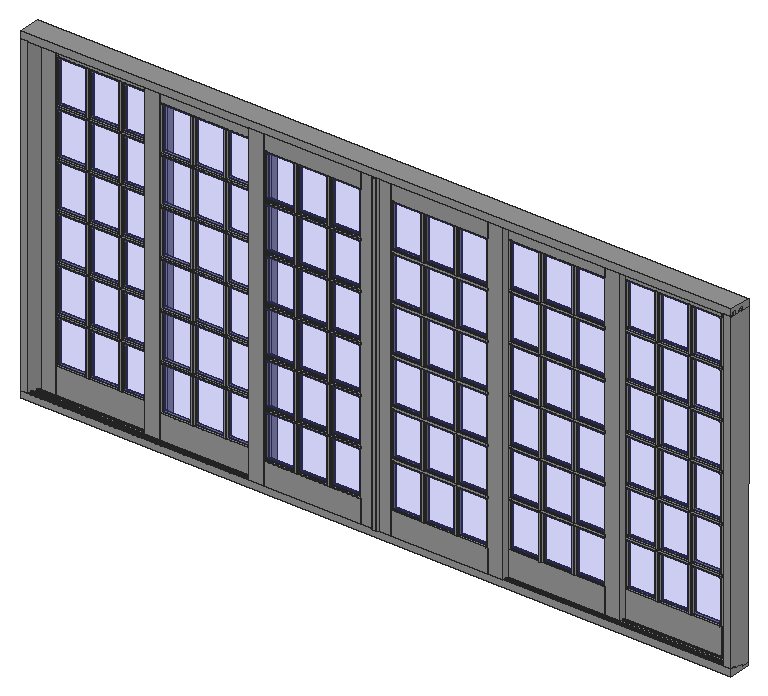
Revit family "VSD4.6SPCOTS", category Doors, host Wall, Revit 2015 (continued)
Forms (mm)
  Sweep 146, solid, material "Lauan, Meranti"
    path origin (484.945, -120, -2266.763) x (1, 0, 0) y (0, 0, 1)
      loop
        line (316.075, 2740.763) -> (316.075, 2456.763) -> (513.395, 2456.763) -> (513.395, 2740.763) -> (316.075, 2740.763)
    profile origin (899.68, -120, 474) x (0, 0, 1) y (0, -1, 0)
      loop
        line (-9, -124.5) -> (-9, -126.5) -> (-7, -126.5)
        arc (-7, -126.5) -> (-4.67, -130.866) -> (0, -132.5) r 6.807
        line (0, -132.5) -> (0, -124.5) -> (-9, -124.5)
  Extrusion 147, solid, material "Glass"
    sketch origin (1178.125, -109.05, -73.649) x (1, 0, 0) y (0, 0, 1)
      loop
        line (43.555, 2032.649) -> (43.555, 1748.66) -> (240.865, 1748.66) -> (240.865, 2032.649) -> (43.555, 2032.649)
      loop
        line (43.565, 1735.638) -> (43.565, 1451.649) -> (240.875, 1451.649) -> (240.875, 1735.638) -> (43.565, 1735.638)
      loop
        line (43.565, 1438.638) -> (43.565, 1154.66) -> (240.865, 1154.66) -> (240.865, 1438.638) -> (43.565, 1438.638)
      loop
        line (43.565, 1141.638) -> (43.565, 857.66) -> (240.865, 857.66) -> (240.865, 1141.638) -> (43.565, 1141.638)
      loop
        line (43.565, 844.638) -> (43.565, 560.649) -> (240.875, 560.649) -> (240.875, 844.638) -> (43.565, 844.638)
      loop
        line (43.555, 547.649) -> (43.555, 263.649) -> (240.875, 263.649) -> (240.875, 547.649) -> (43.555, 547.649)
      loop
        line (-166.765, 2032.649) -> (-166.765, 1748.66) -> (30.545, 1748.66) -> (30.545, 2032.649) -> (-166.765, 2032.649)
      loop
        line (-166.755, 1735.638) -> (-166.755, 1451.649) -> (30.555, 1451.649) -> (30.555, 1735.638) -> (-166.755, 1735.638)
      loop
        line (-166.755, 1438.638) -> (-166.755, 1154.66) -> (30.545, 1154.66) -> (30.545, 1438.638) -> (-166.755, 1438.638)
      loop
        line (-166.755, 1141.638) -> (-166.755, 857.66) -> (30.545, 857.66) -> (30.545, 1141.638) -> (-166.755, 1141.638)
      loop
        line (-166.755, 844.638) -> (-166.755, 560.649) -> (30.555, 560.649) -> (30.555, 844.638) -> (-166.755, 844.638)
      loop
        line (-166.765, 547.649) -> (-166.765, 263.649) -> (30.555, 263.649) -> (30.555, 547.649) -> (-166.765, 547.649)
      loop
        line (-377.125, 2032.649) -> (-377.125, 1748.66) -> (-179.815, 1748.66) -> (-179.815, 2032.649) -> (-377.125, 2032.649)
      loop
        line (-377.115, 1735.638) -> (-377.115, 1451.649) -> (-179.805, 1451.649) -> (-179.805, 1735.638) -> (-377.115, 1735.638)
      loop
        line (-377.115, 1438.638) -> (-377.115, 1154.66) -> (-179.815, 1154.66) -> (-179.815, 1438.638) -> (-377.115, 1438.638)
      loop
        line (-377.115, 1141.638) -> (-377.115, 857.66) -> (-179.815, 857.66) -> (-179.815, 1141.638) -> (-377.115, 1141.638)
      loop
        line (-377.115, 844.638) -> (-377.115, 560.649) -> (-179.805, 560.649) -> (-179.805, 844.638) -> (-377.115, 844.638)
      loop
        line (-377.125, 547.649) -> (-377.125, 263.649) -> (-179.805, 263.649) -> (-179.805, 547.649) -> (-377.125, 547.649)
    from -112.5 to -106.1
  Extrusion 148, solid, material "Lauan, Meranti"
    sketch origin (965, -54.5, 0) x (0, 1, 0) y (0, 0, 1)
      loop
        line (-15.5, 190) -> (-15.5, 45) -> (24.5, 45) -> (24.5, 190) -> (-5.5, 190) -> (-5.5, 199) -> (-7.5, 199) -> (-7.5, 197)
        arc (-7.5, 197) -> (-11.866, 194.67) -> (-13.5, 190) r 6.807
        line (-13.5, 190) -> (-15.5, 190)
      loop
        line (-7.5, 1952) -> (-7.5, 1950) -> (-5.5, 1950) -> (-5.5, 1959) -> (24.5, 1959) -> (24.5, 2055) -> (-15.5, 2055) -> (-15.5, 1959) -> (-13.5, 1959)
        arc (-13.5, 1959) -> (-11.866, 1954.33) -> (-7.5, 1952) r 6.807
      loop
        line (-15.5, 1675) -> (-15.5, 1662) -> (-13.5, 1662)
        arc (-13.5, 1662) -> (-11.866, 1657.33) -> (-7.5, 1655) r 6.807
        line (-7.5, 1655) -> (-7.5, 1653) -> (-5.5, 1653) -> (-5.5, 1662) -> (24.5, 1662) -> (24.5, 1675) -> (-5.5, 1675) -> (-5.5, 1684) -> (-7.5, 1684) -> (-7.5, 1682)
        arc (-7.5, 1682) -> (-11.866, 1679.67) -> (-13.5, 1675) r 6.807
        line (-13.5, 1675) -> (-15.5, 1675)
      loop
        line (-15.5, 1378) -> (-15.5, 1365) -> (-13.5, 1365)
        arc (-13.5, 1365) -> (-11.866, 1360.33) -> (-7.5, 1358) r 6.807
        line (-7.5, 1358) -> (-7.5, 1356) -> (-5.5, 1356) -> (-5.5, 1365) -> (24.5, 1365) -> (24.5, 1378) -> (-5.5, 1378) -> (-5.5, 1387) -> (-7.5, 1387) -> (-7.5, 1385)
        arc (-7.5, 1385) -> (-11.866, 1382.67) -> (-13.5, 1378) r 6.807
        line (-13.5, 1378) -> (-15.5, 1378)
      loop
        line (-15.5, 1081) -> (-15.5, 1068) -> (-13.5, 1068)
        arc (-13.5, 1068) -> (-11.866, 1063.33) -> (-7.5, 1061) r 6.807
        line (-7.5, 1061) -> (-7.5, 1059) -> (-5.5, 1059) -> (-5.5, 1068) -> (24.5, 1068) -> (24.5, 1081) -> (-5.5, 1081) -> (-5.5, 1090) -> (-7.5, 1090) -> (-7.5, 1088)
        arc (-7.5, 1088) -> (-11.866, 1085.67) -> (-13.5, 1081) r 6.807
        line (-13.5, 1081) -> (-15.5, 1081)
      loop
        line (-15.5, 784) -> (-15.5, 771) -> (-13.5, 771)
        arc (-13.5, 771) -> (-11.866, 766.33) -> (-7.5, 764) r 6.807
        line (-7.5, 764) -> (-7.5, 762) -> (-5.5, 762) -> (-5.5, 771) -> (24.5, 771) -> (24.5, 784) -> (-5.5, 784) -> (-5.5, 793) -> (-7.5, 793) -> (-7.5, 791)
        arc (-7.5, 791) -> (-11.866, 788.67) -> (-13.5, 784) r 6.807
        line (-13.5, 784) -> (-15.5, 784)
      loop
        line (-15.5, 487) -> (-15.5, 474) -> (-13.5, 474)
        arc (-13.5, 474) -> (-11.866, 469.33) -> (-7.5, 467) r 6.807
        line (-7.5, 467) -> (-7.5, 465) -> (-5.5, 465) -> (-5.5, 474) -> (24.5, 474) -> (24.5, 487) -> (-5.5, 487) -> (-5.5, 496) -> (-7.5, 496) -> (-7.5, 494)
        arc (-7.5, 494) -> (-11.866, 491.67) -> (-13.5, 487) r 6.807
        line (-13.5, 487) -> (-15.5, 487)
    from -869 to -251
  Sweep 149, solid, material "Lauan, Meranti"
    path origin (200.605, -176, -781.763) x (1, 0, 0) y (0, 0, 1)
      loop
        line (316.075, 2740.763) -> (316.075, 2456.763) -> (513.395, 2456.763) -> (513.395, 2740.763) -> (316.075, 2740.763)
    profile origin (615.34, -176, 1959) x (0, 0, 1) y (0, -1, 0)
      loop
        line (-9, -124.5) -> (-9, -126.5) -> (-7, -126.5)
        arc (-7, -126.5) -> (-4.67, -130.866) -> (0, -132.5) r 6.807
        line (0, -132.5) -> (0, -124.5) -> (-9, -124.5)
  Extrusion 150, solid, material "Lauan, Meranti"
    sketch origin (-55, -101, 0) x (1, 0, 0) y (0, 1, 0)
      loop
        line (348.34, 31) -> (361.34, 31) -> (361.34, 33)
        arc (361.34, 33) -> (366.01, 34.634) -> (368.34, 39) r 6.807
        line (368.34, 39) -> (370.34, 39) -> (370.34, 41) -> (361.34, 41) -> (361.34, 71) -> (348.34, 71) -> (348.34, 41) -> (339.34, 41) -> (339.34, 39) -> (341.34, 39)
        arc (341.34, 39) -> (343.67, 34.634) -> (348.34, 33) r 6.807
        line (348.34, 33) -> (348.34, 31)
      loop
        line (558.68, 31) -> (571.68, 31) -> (571.68, 33)
        arc (571.68, 33) -> (576.35, 34.634) -> (578.68, 39) r 6.807
        line (578.68, 39) -> (580.68, 39) -> (580.68, 41) -> (571.68, 41) -> (571.68, 71) -> (558.68, 71) -> (558.68, 41) -> (549.68, 41) -> (549.68, 39) -> (551.68, 39)
        arc (551.68, 39) -> (554.01, 34.634) -> (558.68, 33) r 6.807
        line (558.68, 33) -> (558.68, 31)
    from 1675 to 1959
  Sweep 151, solid, material "Lauan, Meranti"
    path origin (-9.715, -176, -781.763) x (1, 0, 0) y (0, 0, 1)
      loop
        line (316.075, 2740.763) -> (316.075, 2456.763) -> (513.395, 2456.763) -> (513.395, 2740.763) -> (316.075, 2740.763)
    profile origin (405.02, -176, 1959) x (0, 0, 1) y (0, -1, 0)
      loop
        line (-9, -124.5) -> (-9, -126.5) -> (-7, -126.5)
        arc (-7, -126.5) -> (-4.67, -130.866) -> (0, -132.5) r 6.807
        line (0, -132.5) -> (0, -124.5) -> (-9, -124.5)
  Sweep 152, solid, material "Lauan, Meranti"
    path origin (-220.055, -176, -781.763) x (1, 0, 0) y (0, 0, 1)
      loop
        line (316.075, 2740.763) -> (316.075, 2456.763) -> (513.395, 2456.763) -> (513.395, 2740.763) -> (316.075, 2740.763)
    profile origin (194.68, -176, 1959) x (0, 0, 1) y (0, -1, 0)
      loop
        line (-9, -124.5) -> (-9, -126.5) -> (-7, -126.5)
        arc (-7, -126.5) -> (-4.67, -130.866) -> (0, -132.5) r 6.807
        line (0, -132.5) -> (0, -124.5) -> (-9, -124.5)
  Sweep 153, solid, material "Lauan, Meranti"
    path origin (200.605, -176, -1078.763) x (1, 0, 0) y (0, 0, 1)
      loop
        line (316.075, 2740.763) -> (316.075, 2456.763) -> (513.395, 2456.763) -> (513.395, 2740.763) -> (316.075, 2740.763)
    profile origin (615.34, -176, 1662) x (0, 0, 1) y (0, -1, 0)
      loop
        line (-9, -124.5) -> (-9, -126.5) -> (-7, -126.5)
        arc (-7, -126.5) -> (-4.67, -130.866) -> (0, -132.5) r 6.807
        line (0, -132.5) -> (0, -124.5) -> (-9, -124.5)
  Extrusion 154, solid, material "Lauan, Meranti"
    sketch origin (-55, -101, -297) x (1, 0, 0) y (0, 1, 0)
      loop
        line (348.34, 31) -> (361.34, 31) -> (361.34, 33)
        arc (361.34, 33) -> (366.01, 34.634) -> (368.34, 39) r 6.807
        line (368.34, 39) -> (370.34, 39) -> (370.34, 41) -> (361.34, 41) -> (361.34, 71) -> (348.34, 71) -> (348.34, 41) -> (339.34, 41) -> (339.34, 39) -> (341.34, 39)
        arc (341.34, 39) -> (343.67, 34.634) -> (348.34, 33) r 6.807
        line (348.34, 33) -> (348.34, 31)
      loop
        line (558.68, 31) -> (571.68, 31) -> (571.68, 33)
        arc (571.68, 33) -> (576.35, 34.634) -> (578.68, 39) r 6.807
        line (578.68, 39) -> (580.68, 39) -> (580.68, 41) -> (571.68, 41) -> (571.68, 71) -> (558.68, 71) -> (558.68, 41) -> (549.68, 41) -> (549.68, 39) -> (551.68, 39)
        arc (551.68, 39) -> (554.01, 34.634) -> (558.68, 33) r 6.807
        line (558.68, 33) -> (558.68, 31)
    from 1675 to 1959
  Sweep 155, solid, material "Lauan, Meranti"
    path origin (-9.715, -176, -1078.763) x (1, 0, 0) y (0, 0, 1)
      loop
        line (316.075, 2740.763) -> (316.075, 2456.763) -> (513.395, 2456.763) -> (513.395, 2740.763) -> (316.075, 2740.763)
    profile origin (405.02, -176, 1662) x (0, 0, 1) y (0, -1, 0)
      loop
        line (-9, -124.5) -> (-9, -126.5) -> (-7, -126.5)
        arc (-7, -126.5) -> (-4.67, -130.866) -> (0, -132.5) r 6.807
        line (0, -132.5) -> (0, -124.5) -> (-9, -124.5)
  Sweep 156, solid, material "Lauan, Meranti"
    path origin (-220.055, -176, -1078.763) x (1, 0, 0) y (0, 0, 1)
      loop
        line (316.075, 2740.763) -> (316.075, 2456.763) -> (513.395, 2456.763) -> (513.395, 2740.763) -> (316.075, 2740.763)
    profile origin (194.68, -176, 1662) x (0, 0, 1) y (0, -1, 0)
      loop
        line (-9, -124.5) -> (-9, -126.5) -> (-7, -126.5)
        arc (-7, -126.5) -> (-4.67, -130.866) -> (0, -132.5) r 6.807
        line (0, -132.5) -> (0, -124.5) -> (-9, -124.5)
  Sweep 157, solid, material "Lauan, Meranti"
    path origin (200.605, -176, -1375.763) x (1, 0, 0) y (0, 0, 1)
      loop
        line (316.075, 2740.763) -> (316.075, 2456.763) -> (513.395, 2456.763) -> (513.395, 2740.763) -> (316.075, 2740.763)
    profile origin (615.34, -176, 1365) x (0, 0, 1) y (0, -1, 0)
      loop
        line (-9, -124.5) -> (-9, -126.5) -> (-7, -126.5)
        arc (-7, -126.5) -> (-4.67, -130.866) -> (0, -132.5) r 6.807
        line (0, -132.5) -> (0, -124.5) -> (-9, -124.5)
  Extrusion 158, solid, material "Lauan, Meranti"
    sketch origin (-55, -101, -594) x (1, 0, 0) y (0, 1, 0)
      loop
        line (348.34, 31) -> (361.34, 31) -> (361.34, 33)
        arc (361.34, 33) -> (366.01, 34.634) -> (368.34, 39) r 6.807
        line (368.34, 39) -> (370.34, 39) -> (370.34, 41) -> (361.34, 41) -> (361.34, 71) -> (348.34, 71) -> (348.34, 41) -> (339.34, 41) -> (339.34, 39) -> (341.34, 39)
        arc (341.34, 39) -> (343.67, 34.634) -> (348.34, 33) r 6.807
        line (348.34, 33) -> (348.34, 31)
      loop
        line (558.68, 31) -> (571.68, 31) -> (571.68, 33)
        arc (571.68, 33) -> (576.35, 34.634) -> (578.68, 39) r 6.807
        line (578.68, 39) -> (580.68, 39) -> (580.68, 41) -> (571.68, 41) -> (571.68, 71) -> (558.68, 71) -> (558.68, 41) -> (549.68, 41) -> (549.68, 39) -> (551.68, 39)
        arc (551.68, 39) -> (554.01, 34.634) -> (558.68, 33) r 6.807
        line (558.68, 33) -> (558.68, 31)
    from 1675 to 1959
  Sweep 159, solid, material "Lauan, Meranti"
    path origin (-9.715, -176, -1375.763) x (1, 0, 0) y (0, 0, 1)
      loop
        line (316.075, 2740.763) -> (316.075, 2456.763) -> (513.395, 2456.763) -> (513.395, 2740.763) -> (316.075, 2740.763)
    profile origin (405.02, -176, 1365) x (0, 0, 1) y (0, -1, 0)
      loop
        line (-9, -124.5) -> (-9, -126.5) -> (-7, -126.5)
        arc (-7, -126.5) -> (-4.67, -130.866) -> (0, -132.5) r 6.807
        line (0, -132.5) -> (0, -124.5) -> (-9, -124.5)
  Sweep 160, solid, material "Lauan, Meranti"
    path origin (-220.055, -176, -1375.763) x (1, 0, 0) y (0, 0, 1)
      loop
        line (316.075, 2740.763) -> (316.075, 2456.763) -> (513.395, 2456.763) -> (513.395, 2740.763) -> (316.075, 2740.763)
    profile origin (194.68, -176, 1365) x (0, 0, 1) y (0, -1, 0)
      loop
        line (-9, -124.5) -> (-9, -126.5) -> (-7, -126.5)
        arc (-7, -126.5) -> (-4.67, -130.866) -> (0, -132.5) r 6.807
        line (0, -132.5) -> (0, -124.5) -> (-9, -124.5)
  Sweep 161, solid, material "Lauan, Meranti"
    path origin (200.605, -176, -1672.763) x (1, 0, 0) y (0, 0, 1)
      loop
        line (316.075, 2740.763) -> (316.075, 2456.763) -> (513.395, 2456.763) -> (513.395, 2740.763) -> (316.075, 2740.763)
    profile origin (615.34, -176, 1068) x (0, 0, 1) y (0, -1, 0)
      loop
        line (-9, -124.5) -> (-9, -126.5) -> (-7, -126.5)
        arc (-7, -126.5) -> (-4.67, -130.866) -> (0, -132.5) r 6.807
        line (0, -132.5) -> (0, -124.5) -> (-9, -124.5)
  Extrusion 162, solid, material "Lauan, Meranti"
    sketch origin (-55, -101, -891) x (1, 0, 0) y (0, 1, 0)
      loop
        line (348.34, 31) -> (361.34, 31) -> (361.34, 33)
        arc (361.34, 33) -> (366.01, 34.634) -> (368.34, 39) r 6.807
        line (368.34, 39) -> (370.34, 39) -> (370.34, 41) -> (361.34, 41) -> (361.34, 71) -> (348.34, 71) -> (348.34, 41) -> (339.34, 41) -> (339.34, 39) -> (341.34, 39)
        arc (341.34, 39) -> (343.67, 34.634) -> (348.34, 33) r 6.807
        line (348.34, 33) -> (348.34, 31)
      loop
        line (558.68, 31) -> (571.68, 31) -> (571.68, 33)
        arc (571.68, 33) -> (576.35, 34.634) -> (578.68, 39) r 6.807
        line (578.68, 39) -> (580.68, 39) -> (580.68, 41) -> (571.68, 41) -> (571.68, 71) -> (558.68, 71) -> (558.68, 41) -> (549.68, 41) -> (549.68, 39) -> (551.68, 39)
        arc (551.68, 39) -> (554.01, 34.634) -> (558.68, 33) r 6.807
        line (558.68, 33) -> (558.68, 31)
    from 1675 to 1959
  Sweep 163, solid, material "Lauan, Meranti"
    path origin (-9.715, -176, -1672.763) x (1, 0, 0) y (0, 0, 1)
      loop
        line (316.075, 2740.763) -> (316.075, 2456.763) -> (513.395, 2456.763) -> (513.395, 2740.763) -> (316.075, 2740.763)
    profile origin (405.02, -176, 1068) x (0, 0, 1) y (0, -1, 0)
      loop
        line (-9, -124.5) -> (-9, -126.5) -> (-7, -126.5)
        arc (-7, -126.5) -> (-4.67, -130.866) -> (0, -132.5) r 6.807
        line (0, -132.5) -> (0, -124.5) -> (-9, -124.5)
  Sweep 164, solid, material "Lauan, Meranti"
    path origin (-220.055, -176, -1672.763) x (1, 0, 0) y (0, 0, 1)
      loop
        line (316.075, 2740.763) -> (316.075, 2456.763) -> (513.395, 2456.763) -> (513.395, 2740.763) -> (316.075, 2740.763)
    profile origin (194.68, -176, 1068) x (0, 0, 1) y (0, -1, 0)
      loop
        line (-9, -124.5) -> (-9, -126.5) -> (-7, -126.5)
        arc (-7, -126.5) -> (-4.67, -130.866) -> (0, -132.5) r 6.807
        line (0, -132.5) -> (0, -124.5) -> (-9, -124.5)
  Sweep 165, solid, material "Lauan, Meranti"
    path origin (200.605, -176, -1969.763) x (1, 0, 0) y (0, 0, 1)
      loop
        line (316.075, 2740.763) -> (316.075, 2456.763) -> (513.395, 2456.763) -> (513.395, 2740.763) -> (316.075, 2740.763)
    profile origin (615.34, -176, 771) x (0, 0, 1) y (0, -1, 0)
      loop
        line (-9, -124.5) -> (-9, -126.5) -> (-7, -126.5)
        arc (-7, -126.5) -> (-4.67, -130.866) -> (0, -132.5) r 6.807
        line (0, -132.5) -> (0, -124.5) -> (-9, -124.5)
  Extrusion 166, solid, material "Lauan, Meranti"
    sketch origin (-55, -101, -1188) x (1, 0, 0) y (0, 1, 0)
      loop
        line (348.34, 31) -> (361.34, 31) -> (361.34, 33)
        arc (361.34, 33) -> (366.01, 34.634) -> (368.34, 39) r 6.807
        line (368.34, 39) -> (370.34, 39) -> (370.34, 41) -> (361.34, 41) -> (361.34, 71) -> (348.34, 71) -> (348.34, 41) -> (339.34, 41) -> (339.34, 39) -> (341.34, 39)
        arc (341.34, 39) -> (343.67, 34.634) -> (348.34, 33) r 6.807
        line (348.34, 33) -> (348.34, 31)
      loop
        line (558.68, 31) -> (571.68, 31) -> (571.68, 33)
        arc (571.68, 33) -> (576.35, 34.634) -> (578.68, 39) r 6.807
        line (578.68, 39) -> (580.68, 39) -> (580.68, 41) -> (571.68, 41) -> (571.68, 71) -> (558.68, 71) -> (558.68, 41) -> (549.68, 41) -> (549.68, 39) -> (551.68, 39)
        arc (551.68, 39) -> (554.01, 34.634) -> (558.68, 33) r 6.807
        line (558.68, 33) -> (558.68, 31)
    from 1675 to 1959
  Sweep 167, solid, material "Lauan, Meranti"
    path origin (-9.715, -176, -1969.763) x (1, 0, 0) y (0, 0, 1)
      loop
        line (316.075, 2740.763) -> (316.075, 2456.763) -> (513.395, 2456.763) -> (513.395, 2740.763) -> (316.075, 2740.763)
    profile origin (405.02, -176, 771) x (0, 0, 1) y (0, -1, 0)
      loop
        line (-9, -124.5) -> (-9, -126.5) -> (-7, -126.5)
        arc (-7, -126.5) -> (-4.67, -130.866) -> (0, -132.5) r 6.807
        line (0, -132.5) -> (0, -124.5) -> (-9, -124.5)
  Sweep 168, solid, material "Lauan, Meranti"
    path origin (-220.055, -176, -1969.763) x (1, 0, 0) y (0, 0, 1)
      loop
        line (316.075, 2740.763) -> (316.075, 2456.763) -> (513.395, 2456.763) -> (513.395, 2740.763) -> (316.075, 2740.763)
    profile origin (194.68, -176, 771) x (0, 0, 1) y (0, -1, 0)
      loop
        line (-9, -124.5) -> (-9, -126.5) -> (-7, -126.5)
        arc (-7, -126.5) -> (-4.67, -130.866) -> (0, -132.5) r 6.807
        line (0, -132.5) -> (0, -124.5) -> (-9, -124.5)
  Sweep 169, solid, material "Lauan, Meranti"
    path origin (200.605, -176, -2266.763) x (1, 0, 0) y (0, 0, 1)
      loop
        line (316.075, 2740.763) -> (316.075, 2456.763) -> (513.395, 2456.763) -> (513.395, 2740.763) -> (316.075, 2740.763)
    profile origin (615.34, -176, 474) x (0, 0, 1) y (0, -1, 0)
      loop
        line (-9, -124.5) -> (-9, -126.5) -> (-7, -126.5)
        arc (-7, -126.5) -> (-4.67, -130.866) -> (0, -132.5) r 6.807
        line (0, -132.5) -> (0, -124.5) -> (-9, -124.5)
  Extrusion 170, solid, material "Lauan, Meranti"
    sketch origin (-55, -101, -1485) x (1, 0, 0) y (0, 1, 0)
      loop
        line (348.34, 31) -> (361.34, 31) -> (361.34, 33)
        arc (361.34, 33) -> (366.01, 34.634) -> (368.34, 39) r 6.807
        line (368.34, 39) -> (370.34, 39) -> (370.34, 41) -> (361.34, 41) -> (361.34, 71) -> (348.34, 71) -> (348.34, 41) -> (339.34, 41) -> (339.34, 39) -> (341.34, 39)
        arc (341.34, 39) -> (343.67, 34.634) -> (348.34, 33) r 6.807
        line (348.34, 33) -> (348.34, 31)
      loop
        line (558.68, 31) -> (571.68, 31) -> (571.68, 33)
        arc (571.68, 33) -> (576.35, 34.634) -> (578.68, 39) r 6.807
        line (578.68, 39) -> (580.68, 39) -> (580.68, 41) -> (571.68, 41) -> (571.68, 71) -> (558.68, 71) -> (558.68, 41) -> (549.68, 41) -> (549.68, 39) -> (551.68, 39)
        arc (551.68, 39) -> (554.01, 34.634) -> (558.68, 33) r 6.807
        line (558.68, 33) -> (558.68, 31)
    from 1675 to 1959
  Sweep 171, solid, material "Lauan, Meranti"
    path origin (-9.715, -176, -2266.763) x (1, 0, 0) y (0, 0, 1)
      loop
        line (316.075, 2740.763) -> (316.075, 2456.763) -> (513.395, 2456.763) -> (513.395, 2740.763) -> (316.075, 2740.763)
    profile origin (405.02, -176, 474) x (0, 0, 1) y (0, -1, 0)
      loop
        line (-9, -124.5) -> (-9, -126.5) -> (-7, -126.5)
        arc (-7, -126.5) -> (-4.67, -130.866) -> (0, -132.5) r 6.807
        line (0, -132.5) -> (0, -124.5) -> (-9, -124.5)
  Sweep 172, solid, material "Lauan, Meranti"
    path origin (-220.055, -176, -2266.763) x (1, 0, 0) y (0, 0, 1)
      loop
        line (316.075, 2740.763) -> (316.075, 2456.763) -> (513.395, 2456.763) -> (513.395, 2740.763) -> (316.075, 2740.763)
    profile origin (194.68, -176, 474) x (0, 0, 1) y (0, -1, 0)
      loop
        line (-9, -124.5) -> (-9, -126.5) -> (-7, -126.5)
        arc (-7, -126.5) -> (-4.67, -130.866) -> (0, -132.5) r 6.807
        line (0, -132.5) -> (0, -124.5) -> (-9, -124.5)
  Extrusion 173, solid, material "Glass"
    sketch origin (473.125, -165.05, -73.649) x (1, 0, 0) y (0, 0, 1)
      loop
        line (43.555, 2032.649) -> (43.555, 1748.66) -> (240.865, 1748.66) -> (240.865, 2032.649) -> (43.555, 2032.649)
      loop
        line (43.565, 1735.638) -> (43.565, 1451.649) -> (240.875, 1451.649) -> (240.875, 1735.638) -> (43.565, 1735.638)
      loop
        line (43.565, 1438.638) -> (43.565, 1154.66) -> (240.865, 1154.66) -> (240.865, 1438.638) -> (43.565, 1438.638)
      loop
        line (43.565, 1141.638) -> (43.565, 857.66) -> (240.865, 857.66) -> (240.865, 1141.638) -> (43.565, 1141.638)
      loop
        line (43.565, 844.638) -> (43.565, 560.649) -> (240.875, 560.649) -> (240.875, 844.638) -> (43.565, 844.638)
      loop
        line (43.555, 547.649) -> (43.555, 263.649) -> (240.875, 263.649) -> (240.875, 547.649) -> (43.555, 547.649)
      loop
        line (-166.765, 2032.649) -> (-166.765, 1748.66) -> (30.545, 1748.66) -> (30.545, 2032.649) -> (-166.765, 2032.649)
      loop
        line (-166.755, 1735.638) -> (-166.755, 1451.649) -> (30.555, 1451.649) -> (30.555, 1735.638) -> (-166.755, 1735.638)
      loop
        line (-166.755, 1438.638) -> (-166.755, 1154.66) -> (30.545, 1154.66) -> (30.545, 1438.638) -> (-166.755, 1438.638)
      loop
        line (-166.755, 1141.638) -> (-166.755, 857.66) -> (30.545, 857.66) -> (30.545, 1141.638) -> (-166.755, 1141.638)
      loop
        line (-166.755, 844.638) -> (-166.755, 560.649) -> (30.555, 560.649) -> (30.555, 844.638) -> (-166.755, 844.638)
      loop
        line (-166.765, 547.649) -> (-166.765, 263.649) -> (30.555, 263.649) -> (30.555, 547.649) -> (-166.765, 547.649)
      loop
        line (-377.125, 2032.649) -> (-377.125, 1748.66) -> (-179.815, 1748.66) -> (-179.815, 2032.649) -> (-377.125, 2032.649)
      loop
        line (-377.115, 1735.638) -> (-377.115, 1451.649) -> (-179.805, 1451.649) -> (-179.805, 1735.638) -> (-377.115, 1735.638)
      loop
        line (-377.115, 1438.638) -> (-377.115, 1154.66) -> (-179.815, 1154.66) -> (-179.815, 1438.638) -> (-377.115, 1438.638)
      loop
        line (-377.115, 1141.638) -> (-377.115, 857.66) -> (-179.815, 857.66) -> (-179.815, 1141.638) -> (-377.115, 1141.638)
      loop
        line (-377.115, 844.638) -> (-377.115, 560.649) -> (-179.805, 560.649) -> (-179.805, 844.638) -> (-377.115, 844.638)
      loop
        line (-377.125, 547.649) -> (-377.125, 263.649) -> (-179.805, 263.649) -> (-179.805, 547.649) -> (-377.125, 547.649)
    from -112.5 to -106.1
Cuts and joins
  joined: Extrusion 3, Extrusion 4, Extrusion 6
Lines and regions (mm)
  Opening 1
    outline origin (-3050, -75, 0) x (1, 0, 0) y (0, 0, 1)
      loop
        line (785, 0) -> (5315, 0) -> (5315, 2100) -> (785, 2100) -> (785, 0)
  model lines
    curve 1: line (900.77, 99.5, 925) -> (1185.77, 99.5, 925)
    curve 2: line (1324.847, 99.5, 925) -> (1185.77, 99.5, 981.191)
    curve 3: line (1185.77, 99.5, 981.191) -> (1185.77, 99.5, 868.809)
    curve 4: line (1324.847, 99.5, 925) -> (1185.77, 99.5, 868.809)
    curve 5: line (195.77, 99.5, 925) -> (480.77, 99.5, 925)
    curve 6: line (619.847, 99.5, 925) -> (480.77, 99.5, 981.191)
    curve 7: line (480.77, 99.5, 981.191) -> (480.77, 99.5, 868.809)
    curve 8: line (619.847, 99.5, 925) -> (480.77, 99.5, 868.809)
    curve 9: line (-900.77, 99.5, 925) -> (-1185.77, 99.5, 925)
    curve 10: line (-1324.847, 99.5, 925) -> (-1185.77, 99.5, 981.191)
    curve 11: line (-1185.77, 99.5, 981.191) -> (-1185.77, 99.5, 868.809)
    curve 12: line (-1324.847, 99.5, 925) -> (-1185.77, 99.5, 868.809)
    curve 13: line (-195.77, 99.5, 925) -> (-480.77, 99.5, 925)
    curve 14: line (-619.847, 99.5, 925) -> (-480.77, 99.5, 981.191)
    curve 15: line (-480.77, 99.5, 981.191) -> (-480.77, 99.5, 868.809)
    curve 16: line (-619.847, 99.5, 925) -> (-480.77, 99.5, 868.809)
Text (mm)
  text "Exterior" at (-2295.016, 1099.543, 0), in view "Ref. Level"
  text "Exterior" at (0, 1615.38, 3698.081), in view "Left"
  text "Exterior" at (0, 1036.032, 3874.932), in view "Right"
Dimensions and locks
  equal spacing: plane 3 "Left", plane 2 "Center (Left/Right)", plane 4 "Right"
  "Width": plane 3 "Left" to plane 4 "Right"
  "Height": plane 5 to host wall
  host wall to plane 5 = 2100 mm  (x2)
  locked: plane 6 "Exterior" to host wall at 0
  locked: plane 7 "Interior" to host wall
  plane 3 "Left" to plane 4 "Right" = 4530 mm
  aligned and locked: plane 3 "Left" to Opening 1 sketch curve
  aligned and locked: plane 5 to Opening 1 sketch curve  (x2)
  aligned and locked: Opening 1 sketch curve to plane 4 "Right"
  aligned and locked: Opening 1 sketch curve to level
  aligned and locked: host wall to plane 1
  aligned and locked: Extrusion 1 to host wall  (x2)
  aligned and locked: Extrusion 2 to host wall  (x2)
  aligned and locked: Sweep 19 sketch curve to Extrusion 18
  aligned and locked: Extrusion 18 to Extrusion 21  (x2)
  aligned and locked: Extrusion 18 to Extrusion 15
  aligned and locked: Sweep 45 sketch curve to Extrusion 44
  aligned and locked: Extrusion 44 to Extrusion 46  (x2)
  aligned and locked: Sweep 71 sketch curve to Extrusion 70
  aligned and locked: Extrusion 70 to Extrusion 72  (x2)
  aligned and locked: Extrusion 96 to Sweep 97 sketch curve
  aligned and locked: Extrusion 99 to Extrusion 96  (x2)
  aligned and locked: Extrusion 122 to Sweep 123 sketch curve
  aligned and locked: Extrusion 124 to Extrusion 122  (x2)
  aligned and locked: Extrusion 148 to Sweep 149 sketch curve
  aligned and locked: Extrusion 150 to Extrusion 148  (x2)
Automatic sketch dimensions
  Extrusion 1 sketch curve to level = 0 mm
  Extrusion 1 sketch curve to host wall = 5 mm  (x2)
  Extrusion 1 sketch curve to Extrusion 1 sketch curve = 8 mm
  Extrusion 1 sketch curve to Extrusion 1 sketch curve = 24 mm
  host wall to Extrusion 1 sketch curve = 6 mm
  Extrusion 1 sketch curve to host wall = 18 mm
  level to Extrusion 1 sketch curve = 21 mm
  Extrusion 1 sketch curve to Extrusion 1 sketch curve = 11 mm  (x2)
  Extrusion 1 sketch curve to Extrusion 1 sketch curve = 1 mm  (x2)
  plane 5 to Extrusion 2 sketch curve = 0 mm
  Extrusion 2 sketch curve to host wall = 5 mm  (x2)
  Extrusion 2 sketch curve to Extrusion 2 sketch curve = 9 mm
  Extrusion 2 sketch curve to Extrusion 2 sketch curve = 22 mm
  host wall to Extrusion 2 sketch curve = 5 mm
  Extrusion 2 sketch curve to host wall = 17 mm
  plane 5 to Extrusion 2 sketch curve = 25 mm  (x2)
  Extrusion 2 sketch curve to Extrusion 2 sketch curve = 20 mm  (x3)
  Extrusion 3 sketch curve to plane 3 "Left" = 0 mm
  Extrusion 3 sketch curve to plane 4 "Right" = 0 mm
  Extrusion 3 sketch curve to plane 3 "Left" = 43 mm
  Extrusion 3 sketch curve to host wall = 5 mm  (x4)
  Extrusion 3 sketch curve to Extrusion 3 sketch curve = 45 mm
  plane 4 "Right" to Extrusion 3 sketch curve = 45 mm
  Extrusion 3 sketch curve to Extrusion 3 sketch curve = 2 mm
  Extrusion 3 sketch curve to host wall = 25 mm  (x2)
  Extrusion 4 sketch curve to plane 3 "Left" = 0 mm
  Extrusion 4 sketch curve to plane 4 "Right" = 0 mm
  Extrusion 4 sketch curve to plane 3 "Left" = 43 mm
  Extrusion 4 sketch curve to Extrusion 4 sketch curve = 2 mm  (x2)
  plane 4 "Right" to Extrusion 4 sketch curve = 45 mm
  Extrusion 4 sketch curve to host wall = 5 mm  (x2)
  Extrusion 4 sketch curve to host wall = 25 mm
  Extrusion 4 sketch curve to Extrusion 4 sketch curve = 20 mm
  Extrusion 4 sketch curve to host wall = 37 mm  (x2)
  curve 10 to plane 3 "Left" = 940.153 mm
  curve 10 to curve 11 = 139.078 mm
  curve 9 to curve 16 = 565.922 mm
  curve 14 to curve 15 = 139.078 mm
  plane 2 "Center (Left/Right)" to curve 7 = 480.77 mm
  curve 5 to curve 6 = 139.078 mm
  curve 6 to curve 3 = 565.922 mm
  curve 1 to curve 2 = 139.078 mm
  level to curve 16 = 868.809 mm
  curve 12 to curve 15 = 0 mm
  level to curve 8 = 868.809 mm
  curve 3 to curve 7 = 0 mm
  curve 7 to curve 6 = 56.191 mm
  curve 3 to curve 4 = 56.191 mm
  curve 15 to curve 16 = 56.191 mm
  curve 11 to curve 10 = 56.191 mm
  curve 11 to curve 10 = 112.382 mm
  curve 7 to curve 7 = 112.382 mm
  curve 15 to curve 14 = 112.382 mm
  curve 3 to curve 3 = 112.382 mm
  curve 9 to curve 14 = 280.922 mm
  curve 13 to plane 2 "Center (Left/Right)" = 195.77 mm
  plane 2 "Center (Left/Right)" to curve 5 = 195.77 mm
  curve 6 to curve 1 = 280.922 mm
  curve 5 to curve 6 = 56.191 mm
  curve 13 to curve 14 = 56.191 mm
  curve 9 to curve 14 = 0 mm
  curve 1 to curve 2 = 56.191 mm
  Extrusion 5 sketch curve to host wall = 13 mm
  Extrusion 5 sketch curve to Extrusion 5 sketch curve = 11 mm  (x2)
  Extrusion 5 sketch curve to Extrusion 5 sketch curve = 1 mm  (x4)
  level to Extrusion 5 sketch curve = 44 mm
  Extrusion 5 sketch curve to Extrusion 5 sketch curve = 1.882 mm
  Extrusion 5 sketch curve to Extrusion 5 sketch curve = 1.118 mm
  Extrusion 6 sketch curve to plane 3 "Left" = 0 mm
  Extrusion 6 sketch curve to plane 4 "Right" = 0 mm
  Extrusion 6 sketch curve to host wall = 5 mm  (x2)
  Extrusion 6 sketch curve to plane 3 "Left" = 43 mm
  Extrusion 6 sketch curve to Extrusion 6 sketch curve = 2 mm  (x2)
  Extrusion 6 sketch curve to host wall = 18 mm  (x2)
  Extrusion 6 sketch curve to Extrusion 6 sketch curve = 45 mm
  Extrusion 6 sketch curve to Extrusion 6 sketch curve = 20 mm
  Extrusion 6 sketch curve to host wall = 25 mm
  host wall to Extrusion 7 sketch curve = 4.5 mm
  host wall to Extrusion 7 sketch curve = 2.3 mm
  Extrusion 7 sketch curve to host wall = 14.3 mm
  Extrusion 7 sketch curve to Extrusion 7 sketch curve = 2.2 mm  (x2)
  plane 5 to Extrusion 7 sketch curve = 45 mm
  Extrusion 7 sketch curve to Extrusion 7 sketch curve = 0 mm
  Extrusion 7 sketch curve to Extrusion 7 sketch curve = 17.8 mm
  Extrusion 8 sketch curve to host wall = 14.5 mm
  Extrusion 8 sketch curve to Extrusion 8 sketch curve = 2.2 mm  (x3)
  Extrusion 8 sketch curve to Extrusion 8 sketch curve = 16.6 mm
  plane 5 to Extrusion 8 sketch curve = 45 mm
  Extrusion 8 sketch curve to Extrusion 8 sketch curve = 0 mm
  Extrusion 8 sketch curve to Extrusion 8 sketch curve = 17.8 mm
  host wall to Extrusion 9 sketch curve = 6 mm
  Extrusion 9 sketch curve to host wall = 5 mm
  Extrusion 9 sketch curve to Extrusion 9 sketch curve = 1 mm  (x4)
  Extrusion 9 sketch curve to Extrusion 9 sketch curve = 11 mm
  level to Extrusion 9 sketch curve = 32 mm
  Extrusion 9 sketch curve to Extrusion 9 sketch curve = 1.882 mm
  Extrusion 9 sketch curve to Extrusion 9 sketch curve = 1.118 mm
  Extrusion 10 sketch curve to plane 2 "Center (Left/Right)" = 0 mm
  Extrusion 10 sketch curve to plane 12 = 0 mm
  Extrusion 10 sketch curve to plane 19 = 0 mm
  Extrusion 10 sketch curve to plane 18 = 0 mm
  Extrusion 10 sketch curve to plane 12 = 9 mm  (x2)
  Extrusion 10 sketch curve to Extrusion 10 sketch curve = 0.473 mm  (x3)
  Extrusion 10 sketch curve to Extrusion 10 sketch curve = 2 mm  (x5)
  Extrusion 10 sketch curve to Extrusion 10 sketch curve = 6.527 mm
  Extrusion 10 sketch curve to host wall = 5 mm  (x2)
  Extrusion 10 sketch curve to Extrusion 10 sketch curve = 6 mm  (x2)
  Extrusion 10 sketch curve to Extrusion 10 sketch curve = 1.468 mm
  Extrusion 10 sketch curve to Extrusion 10 sketch curve = 30 mm
  host wall to Extrusion 10 sketch curve = 30 mm
  Extrusion 11 sketch curve to plane 11 = 0 mm
  Extrusion 11 sketch curve to plane 10 = 0 mm
  Extrusion 11 sketch curve to plane 8 = 0 mm
  Extrusion 11 sketch curve to plane 9 = 0 mm
  Extrusion 11 sketch curve to Extrusion 11 sketch curve = 9 mm
  Extrusion 11 sketch curve to Extrusion 11 sketch curve = 0 mm
  Extrusion 11 sketch curve to Extrusion 11 sketch curve = 0.473 mm  (x2)
  Extrusion 11 sketch curve to Extrusion 11 sketch curve = 2 mm  (x6)
  Extrusion 11 sketch curve to Extrusion 11 sketch curve = 6.527 mm
  Extrusion 11 sketch curve to host wall = 1 mm  (x2)
  Extrusion 11 sketch curve to plane 8 = 9 mm
  Extrusion 11 sketch curve to host wall = 31 mm  (x2)
  Extrusion 11 sketch curve to Extrusion 11 sketch curve = 1.468 mm  (x2)
  Extrusion 12 sketch curve to plane 16 = 0 mm
  Extrusion 12 sketch curve to plane 17 = 0 mm
  Extrusion 12 sketch curve to plane 14 = 0 mm
  Extrusion 12 sketch curve to plane 15 = 0 mm
  host wall to Extrusion 12 sketch curve = 4 mm
  Extrusion 12 sketch curve to Extrusion 12 sketch curve = 9 mm
  Extrusion 12 sketch curve to Extrusion 12 sketch curve = 0 mm
  Extrusion 12 sketch curve to Extrusion 12 sketch curve = 0.473 mm  (x2)
  Extrusion 12 sketch curve to Extrusion 12 sketch curve = 2 mm  (x6)
  host wall to Extrusion 12 sketch curve = 5.468 mm
  Extrusion 12 sketch curve to Extrusion 12 sketch curve = 6.527 mm
  Extrusion 12 sketch curve to plane 14 = 9 mm
  Extrusion 12 sketch curve to Extrusion 12 sketch curve = 1.468 mm
  host wall to Extrusion 12 sketch curve = 6 mm
  Extrusion 12 sketch curve to host wall = 26 mm  (x2)
  host wall to Extrusion 13 sketch curve = 6 mm
  Extrusion 13 sketch curve to host wall = 5 mm
  Extrusion 13 sketch curve to Extrusion 13 sketch curve = 1 mm  (x3)
  Extrusion 13 sketch curve to Extrusion 13 sketch curve = 11 mm
  level to Extrusion 13 sketch curve = 36 mm
  Extrusion 13 sketch curve to Extrusion 13 sketch curve = 1.118 mm
  Extrusion 13 sketch curve to Extrusion 13 sketch curve = 1.882 mm  (x2)
  Extrusion 14 sketch curve to plane 2 "Center (Left/Right)" = 0 mm
  Extrusion 14 sketch curve to plane 24 = 0 mm
  Extrusion 14 sketch curve to plane 31 = 0 mm
  Extrusion 14 sketch curve to plane 30 = 0 mm
  Extrusion 14 sketch curve to plane 24 = 9 mm  (x2)
  Extrusion 14 sketch curve to Extrusion 14 sketch curve = 0.473 mm  (x3)
  Extrusion 14 sketch curve to Extrusion 14 sketch curve = 2 mm  (x4)
  Extrusion 14 sketch curve to Extrusion 14 sketch curve = 6.527 mm
  host wall to Extrusion 14 sketch curve = 30 mm  (x2)
  Extrusion 14 sketch curve to host wall = 15 mm  (x2)
  Extrusion 14 sketch curve to Extrusion 14 sketch curve = 1.468 mm  (x2)
  Extrusion 14 sketch curve to host wall = 5 mm  (x2)
  Extrusion 15 sketch curve to plane 23 = 0 mm
  Extrusion 15 sketch curve to plane 22 = 0 mm
  Extrusion 15 sketch curve to plane 20 = 0 mm
  Extrusion 15 sketch curve to plane 21 = 0 mm
  Extrusion 15 sketch curve to Extrusion 15 sketch curve = 9 mm
  Extrusion 15 sketch curve to Extrusion 15 sketch curve = 0 mm
  Extrusion 15 sketch curve to Extrusion 15 sketch curve = 0.473 mm  (x2)
  Extrusion 15 sketch curve to Extrusion 15 sketch curve = 2 mm  (x4)
  Extrusion 15 sketch curve to Extrusion 15 sketch curve = 6.527 mm
  Extrusion 15 sketch curve to host wall = 1 mm  (x2)
  Extrusion 15 sketch curve to plane 20 = 9 mm
  Extrusion 15 sketch curve to host wall = 31 mm
  Extrusion 15 sketch curve to Extrusion 15 sketch curve = 30 mm
  Extrusion 15 sketch curve to Extrusion 15 sketch curve = 1.468 mm  (x2)
  Extrusion 15 sketch curve to host wall = 34 mm  (x2)
  Extrusion 16 sketch curve to plane 28 = 0 mm
  Extrusion 16 sketch curve to plane 29 = 0 mm
  Extrusion 16 sketch curve to plane 26 = 0 mm
  Extrusion 16 sketch curve to plane 27 = 0 mm
  host wall to Extrusion 16 sketch curve = 4 mm
  Extrusion 16 sketch curve to Extrusion 16 sketch curve = 9 mm
  Extrusion 16 sketch curve to Extrusion 16 sketch curve = 0 mm
  Extrusion 16 sketch curve to Extrusion 16 sketch curve = 0.473 mm  (x2)
  Extrusion 16 sketch curve to Extrusion 16 sketch curve = 2 mm  (x4)
  host wall to Extrusion 16 sketch curve = 5.468 mm
  Extrusion 16 sketch curve to Extrusion 16 sketch curve = 6.527 mm
  Extrusion 16 sketch curve to plane 26 = 9 mm
  Extrusion 16 sketch curve to Extrusion 16 sketch curve = 1.468 mm  (x2)
  Extrusion 16 sketch curve to host wall = 26 mm  (x2)
  host wall to Extrusion 16 sketch curve = 14 mm  (x2)
  Extrusion 17 sketch curve to host wall = 5 mm
  Extrusion 17 sketch curve to plane 2 "Center (Left/Right)" = 20 mm  (x2)
  host wall to Extrusion 17 sketch curve = 3 mm  (x2)
  Extrusion 17 sketch curve to plane 2 "Center (Left/Right)" = 12 mm
  plane 2 "Center (Left/Right)" to Extrusion 17 sketch curve = 12 mm  (x2)
  Extrusion 17 sketch curve to Extrusion 17 sketch curve = 8 mm
  Extrusion 17 sketch curve to Extrusion 17 sketch curve = 2 mm  (x2)
  host wall to Extrusion 17 sketch curve = 30 mm
  Extrusion 18 sketch curve to host wall = 34 mm  (x7)
  Extrusion 18 sketch curve to Extrusion 18 sketch curve = 2 mm  (x28)
  Extrusion 18 sketch curve to Extrusion 18 sketch curve = 6 mm  (x12)
  Extrusion 18 sketch curve to Extrusion 18 sketch curve = 6.803 mm  (x7)
  Extrusion 18 sketch curve to Extrusion 18 sketch curve = 0.803 mm  (x5)
  Extrusion 18 sketch curve to Extrusion 18 sketch curve = 1.197 mm  (x8)
  Extrusion 18 sketch curve to host wall = 1 mm  (x7)
  plane 5 to Extrusion 18 sketch curve = 45 mm
  Extrusion 18 sketch curve to Extrusion 18 sketch curve = 96 mm
  Extrusion 18 sketch curve to Extrusion 18 sketch curve = 0 mm  (x6)
  Extrusion 18 sketch curve to Extrusion 18 sketch curve = 0.241 mm  (x12)
  Extrusion 18 sketch curve to Extrusion 18 sketch curve = 266 mm  (x5)
  Extrusion 18 sketch curve to Extrusion 18 sketch curve = 6.759 mm  (x6)
  Extrusion 18 sketch curve to Extrusion 18 sketch curve = 13 mm  (x5)
  level to Extrusion 18 sketch curve = 199 mm
  level to Extrusion 18 sketch curve = 21 mm
  Sweep 19 sketch curve to plane 3 "Left" = 338.32 mm
  Sweep 19 sketch curve to plane 3 "Left" = 141 mm
  Sweep 19 sketch curve to Sweep 19 sketch curve = 284 mm
  Sweep 19 sketch curve to profile plane = 0 mm
  Sweep 19 sketch curve to profile plane = 0.241 mm
  Sweep 19 sketch curve to Sweep 19 sketch curve = 6.759 mm
  Sweep 19 sketch curve to Sweep 19 sketch curve = 2 mm  (x2)
  Sweep 19 sketch curve to profile plane = 132.5 mm
  Sweep 19 sketch curve to Sweep 19 sketch curve = 6 mm
  Extrusion 20 sketch curve to plane 3 "Left" = 759 mm  (x2)
  level to Extrusion 20 sketch curve = 190 mm  (x2)
  Extrusion 20 sketch curve to Extrusion 20 sketch curve = 0.01 mm  (x9)
  Extrusion 20 sketch curve to Extrusion 20 sketch curve = 0 mm  (x25)
  Extrusion 20 sketch curve to Extrusion 20 sketch curve = 197.299 mm  (x3)
  Extrusion 20 sketch curve to Extrusion 20 sketch curve = 197.31 mm  (x3)
  Extrusion 20 sketch curve to Extrusion 20 sketch curve = 13.04 mm
  Extrusion 20 sketch curve to Extrusion 20 sketch curve = 13.05 mm
  Extrusion 20 sketch curve to Extrusion 20 sketch curve = 13.01 mm  (x2)
  Extrusion 20 sketch curve to Extrusion 20 sketch curve = 13 mm  (x4)
  Extrusion 20 sketch curve to Extrusion 20 sketch curve = 13.021 mm  (x2)
  Extrusion 20 sketch curve to plane 3 "Left" = 141.01 mm  (x2)
  Extrusion 20 sketch curve to plane 3 "Left" = 141 mm
  Extrusion 20 sketch curve to Extrusion 20 sketch curve = 284 mm
  Extrusion 20 sketch curve to Extrusion 20 sketch curve = 283.989 mm  (x2)
  Extrusion 20 sketch curve to Extrusion 20 sketch curve = 13.022 mm  (x6)
  Extrusion 20 sketch curve to Extrusion 20 sketch curve = 283.978 mm  (x2)
  Extrusion 20 sketch curve to Extrusion 20 sketch curve = 13.011 mm  (x2)
  plane 5 to Extrusion 20 sketch curve = 141 mm  (x2)
  Extrusion 21 sketch curve to host wall = 31 mm  (x2)
  Extrusion 21 sketch curve to plane 3 "Left" = 570.66 mm
  Extrusion 21 sketch curve to Extrusion 21 sketch curve = 2 mm  (x10)
  Extrusion 21 sketch curve to Extrusion 21 sketch curve = 6.759 mm  (x4)
  Extrusion 21 sketch curve to Extrusion 21 sketch curve = 0.241 mm  (x6)
  Extrusion 21 sketch curve to Extrusion 21 sketch curve = 13 mm  (x2)
  Extrusion 21 sketch curve to Extrusion 21 sketch curve = 0 mm  (x4)
  Extrusion 21 sketch curve to Extrusion 21 sketch curve = 179.34 mm
  Extrusion 21 sketch curve to host wall = 1 mm  (x2)
  Extrusion 21 sketch curve to Extrusion 21 sketch curve = 1.197 mm  (x4)
  Sweep 22 sketch curve to plane 3 "Left" = 548.64 mm
  Sweep 22 sketch curve to Sweep 22 sketch curve = 197.32 mm
  plane 5 to Sweep 22 sketch curve = 141 mm
  Sweep 22 sketch curve to Sweep 22 sketch curve = 284 mm
  Sweep 22 sketch curve to profile plane = 0 mm
  Sweep 22 sketch curve to profile plane = 0.241 mm
  Sweep 22 sketch curve to Sweep 22 sketch curve = 6.759 mm
  Sweep 22 sketch curve to Sweep 22 sketch curve = 2 mm  (x2)
  Sweep 22 sketch curve to profile plane = 132.5 mm
  Sweep 22 sketch curve to Sweep 22 sketch curve = 6 mm
  Sweep 23 sketch curve to plane 3 "Left" = 758.98 mm
  Sweep 23 sketch curve to Sweep 23 sketch curve = 197.32 mm
  plane 5 to Sweep 23 sketch curve = 141 mm
  Sweep 23 sketch curve to Sweep 23 sketch curve = 284 mm
  Sweep 23 sketch curve to profile plane = 0 mm
  Sweep 23 sketch curve to profile plane = 0.241 mm
  Sweep 23 sketch curve to Sweep 23 sketch curve = 6.759 mm
  Sweep 23 sketch curve to Sweep 23 sketch curve = 2 mm  (x2)
  Sweep 23 sketch curve to profile plane = 132.5 mm
  Sweep 23 sketch curve to Sweep 23 sketch curve = 6 mm
  Sweep 24 sketch curve to plane 3 "Left" = 338.32 mm
  Sweep 24 sketch curve to plane 3 "Left" = 141 mm
  plane 5 to Sweep 24 sketch curve = 438 mm
  Sweep 24 sketch curve to Sweep 24 sketch curve = 284 mm
  Sweep 24 sketch curve to profile plane = 0 mm
  Sweep 24 sketch curve to profile plane = 0.241 mm
  Sweep 24 sketch curve to Sweep 24 sketch curve = 6.759 mm
  Sweep 24 sketch curve to Sweep 24 sketch curve = 2 mm  (x2)
  Sweep 24 sketch curve to profile plane = 132.5 mm
  Sweep 24 sketch curve to Sweep 24 sketch curve = 6 mm
  Extrusion 25 sketch curve to host wall = 31 mm  (x2)
  Extrusion 25 sketch curve to plane 3 "Left" = 570.66 mm
  Extrusion 25 sketch curve to Extrusion 25 sketch curve = 2 mm  (x10)
  Extrusion 25 sketch curve to Extrusion 25 sketch curve = 6.759 mm  (x4)
  Extrusion 25 sketch curve to Extrusion 25 sketch curve = 0.241 mm  (x6)
  Extrusion 25 sketch curve to Extrusion 25 sketch curve = 13 mm  (x2)
  Extrusion 25 sketch curve to Extrusion 25 sketch curve = 0 mm  (x4)
  Extrusion 25 sketch curve to Extrusion 25 sketch curve = 179.34 mm
  Extrusion 25 sketch curve to host wall = 1 mm  (x2)
  Extrusion 25 sketch curve to Extrusion 25 sketch curve = 1.197 mm  (x4)
  Sweep 26 sketch curve to plane 3 "Left" = 548.64 mm
  Sweep 26 sketch curve to Sweep 26 sketch curve = 197.32 mm
  plane 5 to Sweep 26 sketch curve = 438 mm
  Sweep 26 sketch curve to Sweep 26 sketch curve = 284 mm
  Sweep 26 sketch curve to profile plane = 0 mm
  Sweep 26 sketch curve to profile plane = 0.241 mm
  Sweep 26 sketch curve to Sweep 26 sketch curve = 6.759 mm
  Sweep 26 sketch curve to Sweep 26 sketch curve = 2 mm  (x2)
  Sweep 26 sketch curve to profile plane = 132.5 mm
  Sweep 26 sketch curve to Sweep 26 sketch curve = 6 mm
  Sweep 27 sketch curve to plane 3 "Left" = 758.98 mm
  Sweep 27 sketch curve to Sweep 27 sketch curve = 197.32 mm
  plane 5 to Sweep 27 sketch curve = 438 mm
  Sweep 27 sketch curve to Sweep 27 sketch curve = 284 mm
  Sweep 27 sketch curve to profile plane = 0 mm
  Sweep 27 sketch curve to profile plane = 0.241 mm
  Sweep 27 sketch curve to Sweep 27 sketch curve = 6.759 mm
  Sweep 27 sketch curve to Sweep 27 sketch curve = 2 mm  (x2)
  Sweep 27 sketch curve to profile plane = 132.5 mm
  Sweep 27 sketch curve to Sweep 27 sketch curve = 6 mm
  Sweep 28 sketch curve to plane 3 "Left" = 338.32 mm
  Sweep 28 sketch curve to plane 3 "Left" = 141 mm
  plane 5 to Sweep 28 sketch curve = 735 mm
  Sweep 28 sketch curve to Sweep 28 sketch curve = 284 mm
  Sweep 28 sketch curve to profile plane = 0 mm
  Sweep 28 sketch curve to profile plane = 0.241 mm
  Sweep 28 sketch curve to Sweep 28 sketch curve = 6.759 mm
  Sweep 28 sketch curve to Sweep 28 sketch curve = 2 mm  (x2)
  Sweep 28 sketch curve to profile plane = 132.5 mm
  Sweep 28 sketch curve to Sweep 28 sketch curve = 6 mm
  Extrusion 29 sketch curve to host wall = 31 mm  (x2)
  Extrusion 29 sketch curve to plane 3 "Left" = 570.66 mm
  Extrusion 29 sketch curve to Extrusion 29 sketch curve = 2 mm  (x10)
  Extrusion 29 sketch curve to Extrusion 29 sketch curve = 6.759 mm  (x4)
  Extrusion 29 sketch curve to Extrusion 29 sketch curve = 0.241 mm  (x6)
  Extrusion 29 sketch curve to Extrusion 29 sketch curve = 13 mm  (x2)
  Extrusion 29 sketch curve to Extrusion 29 sketch curve = 0 mm  (x4)
  Extrusion 29 sketch curve to Extrusion 29 sketch curve = 179.34 mm
  Extrusion 29 sketch curve to host wall = 1 mm  (x2)
  Extrusion 29 sketch curve to Extrusion 29 sketch curve = 1.197 mm  (x4)
  Sweep 30 sketch curve to plane 3 "Left" = 548.64 mm
  Sweep 30 sketch curve to Sweep 30 sketch curve = 197.32 mm
  plane 5 to Sweep 30 sketch curve = 735 mm
  Sweep 30 sketch curve to Sweep 30 sketch curve = 284 mm
  Sweep 30 sketch curve to profile plane = 0 mm
  Sweep 30 sketch curve to profile plane = 0.241 mm
  Sweep 30 sketch curve to Sweep 30 sketch curve = 6.759 mm
  Sweep 30 sketch curve to Sweep 30 sketch curve = 2 mm  (x2)
  Sweep 30 sketch curve to profile plane = 132.5 mm
  Sweep 30 sketch curve to Sweep 30 sketch curve = 6 mm
  Sweep 31 sketch curve to plane 3 "Left" = 758.98 mm
  Sweep 31 sketch curve to Sweep 31 sketch curve = 197.32 mm
  plane 5 to Sweep 31 sketch curve = 735 mm
  Sweep 31 sketch curve to Sweep 31 sketch curve = 284 mm
  Sweep 31 sketch curve to profile plane = 0 mm
  Sweep 31 sketch curve to profile plane = 0.241 mm
  Sweep 31 sketch curve to Sweep 31 sketch curve = 6.759 mm
  Sweep 31 sketch curve to Sweep 31 sketch curve = 2 mm  (x2)
  Sweep 31 sketch curve to profile plane = 132.5 mm
  Sweep 31 sketch curve to Sweep 31 sketch curve = 6 mm
  Sweep 32 sketch curve to plane 3 "Left" = 338.32 mm
  Sweep 32 sketch curve to plane 3 "Left" = 141 mm
  plane 5 to Sweep 32 sketch curve = 1032 mm
  Sweep 32 sketch curve to Sweep 32 sketch curve = 284 mm
  Sweep 32 sketch curve to profile plane = 0 mm
  Sweep 32 sketch curve to profile plane = 0.241 mm
  Sweep 32 sketch curve to Sweep 32 sketch curve = 6.759 mm
  Sweep 32 sketch curve to Sweep 32 sketch curve = 2 mm  (x2)
  Sweep 32 sketch curve to profile plane = 132.5 mm
  Sweep 32 sketch curve to Sweep 32 sketch curve = 6 mm
  Extrusion 33 sketch curve to host wall = 31 mm  (x2)
  Extrusion 33 sketch curve to plane 3 "Left" = 570.66 mm
  Extrusion 33 sketch curve to Extrusion 33 sketch curve = 2 mm  (x10)
  Extrusion 33 sketch curve to Extrusion 33 sketch curve = 6.759 mm  (x4)
  Extrusion 33 sketch curve to Extrusion 33 sketch curve = 0.241 mm  (x6)
  Extrusion 33 sketch curve to Extrusion 33 sketch curve = 13 mm  (x2)
  Extrusion 33 sketch curve to Extrusion 33 sketch curve = 0 mm  (x4)
  Extrusion 33 sketch curve to Extrusion 33 sketch curve = 179.34 mm
  Extrusion 33 sketch curve to host wall = 1 mm  (x2)
  Extrusion 33 sketch curve to Extrusion 33 sketch curve = 1.197 mm  (x4)
  Sweep 34 sketch curve to plane 3 "Left" = 548.64 mm
  Sweep 34 sketch curve to Sweep 34 sketch curve = 197.32 mm
  plane 5 to Sweep 34 sketch curve = 1032 mm
  Sweep 34 sketch curve to Sweep 34 sketch curve = 284 mm
  Sweep 34 sketch curve to profile plane = 0 mm
  Sweep 34 sketch curve to profile plane = 0.241 mm
  Sweep 34 sketch curve to Sweep 34 sketch curve = 6.759 mm
  Sweep 34 sketch curve to Sweep 34 sketch curve = 2 mm  (x2)
  Sweep 34 sketch curve to profile plane = 132.5 mm
  Sweep 34 sketch curve to Sweep 34 sketch curve = 6 mm
  Sweep 35 sketch curve to plane 3 "Left" = 758.98 mm
  Sweep 35 sketch curve to Sweep 35 sketch curve = 197.32 mm
  plane 5 to Sweep 35 sketch curve = 1032 mm
  Sweep 35 sketch curve to Sweep 35 sketch curve = 284 mm
  Sweep 35 sketch curve to profile plane = 0 mm
  Sweep 35 sketch curve to profile plane = 0.241 mm
  Sweep 35 sketch curve to Sweep 35 sketch curve = 6.759 mm
  Sweep 35 sketch curve to Sweep 35 sketch curve = 2 mm  (x2)
  Sweep 35 sketch curve to profile plane = 132.5 mm
  Sweep 35 sketch curve to Sweep 35 sketch curve = 6 mm
  Sweep 36 sketch curve to plane 3 "Left" = 338.32 mm
  Sweep 36 sketch curve to plane 3 "Left" = 141 mm
  level to Sweep 36 sketch curve = 771 mm
  Sweep 36 sketch curve to Sweep 36 sketch curve = 284 mm
  Sweep 36 sketch curve to profile plane = 0 mm
  Sweep 36 sketch curve to profile plane = 0.241 mm
  Sweep 36 sketch curve to Sweep 36 sketch curve = 6.759 mm
  Sweep 36 sketch curve to Sweep 36 sketch curve = 2 mm  (x2)
  Sweep 36 sketch curve to profile plane = 132.5 mm
  Sweep 36 sketch curve to Sweep 36 sketch curve = 6 mm
  Extrusion 37 sketch curve to host wall = 31 mm  (x2)
  Extrusion 37 sketch curve to plane 3 "Left" = 570.66 mm
  Extrusion 37 sketch curve to Extrusion 37 sketch curve = 2 mm  (x10)
  Extrusion 37 sketch curve to Extrusion 37 sketch curve = 6.759 mm  (x4)
  Extrusion 37 sketch curve to Extrusion 37 sketch curve = 0.241 mm  (x6)
  Extrusion 37 sketch curve to Extrusion 37 sketch curve = 13 mm  (x2)
  Extrusion 37 sketch curve to Extrusion 37 sketch curve = 0 mm  (x4)
  Extrusion 37 sketch curve to Extrusion 37 sketch curve = 179.34 mm
  Extrusion 37 sketch curve to host wall = 1 mm  (x2)
  Extrusion 37 sketch curve to Extrusion 37 sketch curve = 1.197 mm  (x4)
  Sweep 38 sketch curve to plane 3 "Left" = 548.64 mm
  Sweep 38 sketch curve to Sweep 38 sketch curve = 197.32 mm
  level to Sweep 38 sketch curve = 771 mm
  Sweep 38 sketch curve to Sweep 38 sketch curve = 284 mm
  Sweep 38 sketch curve to profile plane = 0 mm
  Sweep 38 sketch curve to profile plane = 0.241 mm
  Sweep 38 sketch curve to Sweep 38 sketch curve = 6.759 mm
  Sweep 38 sketch curve to Sweep 38 sketch curve = 2 mm  (x2)
  Sweep 38 sketch curve to profile plane = 132.5 mm
  Sweep 38 sketch curve to Sweep 38 sketch curve = 6 mm
  Sweep 39 sketch curve to plane 3 "Left" = 758.98 mm
  Sweep 39 sketch curve to Sweep 39 sketch curve = 197.32 mm
  level to Sweep 39 sketch curve = 771 mm
  Sweep 39 sketch curve to Sweep 39 sketch curve = 284 mm
  Sweep 39 sketch curve to profile plane = 0 mm
  Sweep 39 sketch curve to profile plane = 0.241 mm
  Sweep 39 sketch curve to Sweep 39 sketch curve = 6.759 mm
  Sweep 39 sketch curve to Sweep 39 sketch curve = 2 mm  (x2)
  Sweep 39 sketch curve to profile plane = 132.5 mm
  Sweep 39 sketch curve to Sweep 39 sketch curve = 6 mm
  Sweep 40 sketch curve to plane 3 "Left" = 338.32 mm
  Sweep 40 sketch curve to plane 3 "Left" = 141 mm
  level to Sweep 40 sketch curve = 474 mm
  level to Sweep 40 sketch curve = 190 mm
  Sweep 40 sketch curve to profile plane = 0 mm
  Sweep 40 sketch curve to profile plane = 0.241 mm
  Sweep 40 sketch curve to Sweep 40 sketch curve = 6.759 mm
  Sweep 40 sketch curve to Sweep 40 sketch curve = 2 mm  (x2)
  Sweep 40 sketch curve to profile plane = 132.5 mm
  Sweep 40 sketch curve to Sweep 40 sketch curve = 6 mm
  Extrusion 41 sketch curve to host wall = 31 mm  (x2)
  Extrusion 41 sketch curve to plane 3 "Left" = 570.66 mm
  Extrusion 41 sketch curve to Extrusion 41 sketch curve = 2 mm  (x10)
  Extrusion 41 sketch curve to Extrusion 41 sketch curve = 6.759 mm  (x4)
  Extrusion 41 sketch curve to Extrusion 41 sketch curve = 0.241 mm  (x6)
  Extrusion 41 sketch curve to Extrusion 41 sketch curve = 13 mm  (x2)
  Extrusion 41 sketch curve to Extrusion 41 sketch curve = 0 mm  (x4)
  Extrusion 41 sketch curve to Extrusion 41 sketch curve = 179.34 mm
  Extrusion 41 sketch curve to host wall = 1 mm  (x2)
  Extrusion 41 sketch curve to Extrusion 41 sketch curve = 1.197 mm  (x4)
  level to Sweep 42 sketch curve = 190 mm
  Sweep 42 sketch curve to plane 3 "Left" = 548.64 mm
  Sweep 42 sketch curve to Sweep 42 sketch curve = 197.32 mm
  Sweep 42 sketch curve to Sweep 42 sketch curve = 284 mm
  Sweep 42 sketch curve to profile plane = 0 mm
  Sweep 42 sketch curve to profile plane = 0.241 mm
  Sweep 42 sketch curve to Sweep 42 sketch curve = 6.759 mm
  Sweep 42 sketch curve to Sweep 42 sketch curve = 2 mm  (x2)
  Sweep 42 sketch curve to profile plane = 132.5 mm
  Sweep 42 sketch curve to Sweep 42 sketch curve = 6 mm
  level to Sweep 43 sketch curve = 190 mm
  Sweep 43 sketch curve to plane 3 "Left" = 758.98 mm
  Sweep 43 sketch curve to Sweep 43 sketch curve = 197.32 mm
  Sweep 43 sketch curve to Sweep 43 sketch curve = 284 mm
  Sweep 43 sketch curve to profile plane = 0 mm
  Sweep 43 sketch curve to profile plane = 0.241 mm
  Sweep 43 sketch curve to Sweep 43 sketch curve = 6.759 mm
  Sweep 43 sketch curve to Sweep 43 sketch curve = 2 mm  (x2)
  Sweep 43 sketch curve to profile plane = 132.5 mm
  Sweep 43 sketch curve to Sweep 43 sketch curve = 6 mm
  host wall to Extrusion 44 sketch curve = 14 mm  (x7)
  Extrusion 44 sketch curve to Extrusion 44 sketch curve = 2 mm  (x28)
  host wall to Extrusion 44 sketch curve = 6 mm  (x12)
  host wall to Extrusion 44 sketch curve = 5.197 mm  (x12)
  Extrusion 44 sketch curve to Extrusion 44 sketch curve = 1.197 mm  (x8)
  Extrusion 44 sketch curve to host wall = 26 mm  (x7)
  plane 5 to Extrusion 44 sketch curve = 45 mm
  Extrusion 44 sketch curve to Extrusion 44 sketch curve = 96 mm
  Extrusion 44 sketch curve to Extrusion 44 sketch curve = 0 mm  (x6)
  Extrusion 44 sketch curve to Extrusion 44 sketch curve = 0.241 mm  (x12)
  Extrusion 44 sketch curve to Extrusion 44 sketch curve = 266 mm  (x5)
  Extrusion 44 sketch curve to Extrusion 44 sketch curve = 6.759 mm  (x6)
  Extrusion 44 sketch curve to Extrusion 44 sketch curve = 13 mm  (x5)
  level to Extrusion 44 sketch curve = 199 mm
  level to Extrusion 44 sketch curve = 33 mm
  plane 5 to Sweep 45 sketch curve = 425 mm
